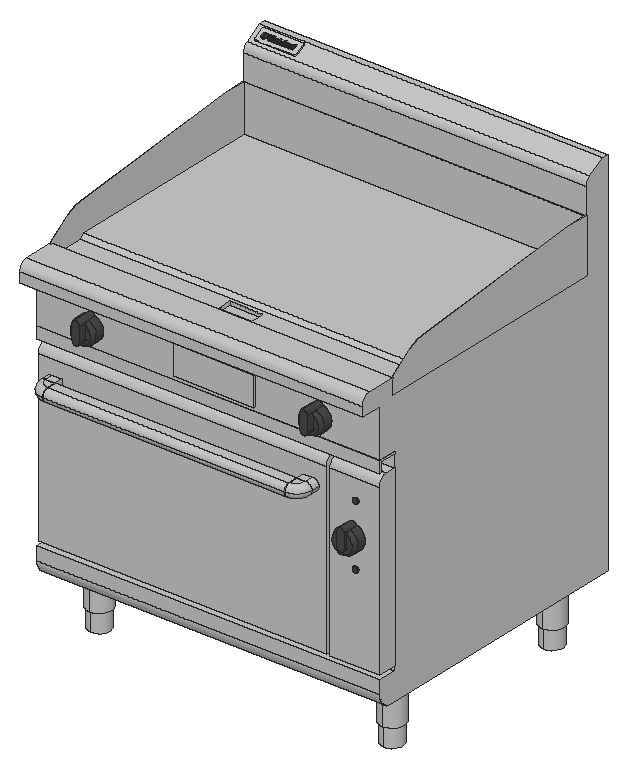
Revit family "QF_MOFFAT WALDORF_GP8910EC", category Specialty Equipment, Revit 2012
Parameters
  Weight in Pounds = 337.3069  # constant formula
  Width [instance] = 900.00 mm  # constant formula
  Watts = 18600 W
  Volts = 415 V
  URL Cutsheet = "www.moffat.com"
  URL = "www.moffat.com"
  Type Mark [instance] = ""
  Status [instance] = ""
  Specification by User [instance] = ""
  Specification by Manufacturer = ""
  Show Logo [instance] = yes
  Show Clearance [instance] = yes
  Show Casters [instance] = no
  Serial Number = ""
  Seismic Rating = ""
  SMACNA No = ""
  Revision Code [instance] = ""
  Phase = 3
  Omniclass Number and Title = ""
  Number of Poles = 1
  NAFEM Spec ID Number = ""
  Model = "GP8910EC"
  Min Ckt Ampacity = 0 A
  Max Overcurrent Protection = 0 A
  Masterspec = ""
  Manufacturer = "MOFFAT WALDORF"
  Legs [instance] = not(Show Casters)  # yes
  Item Number [instance] = ""
  Installed By [instance] = ""
  Identify Quantity as Lot [instance] = yes
  Height = 1130.00 mm  # constant formula
  HP = ""
  Furnished By [instance] = ""
  Foodservice Equipment Identifier [instance] = yes
  FL Amps = 26.3 A
  Elec Conn RI Height = 0.00 mm
  Elec Conn Connection Height = 0.00 mm
  Description = "GRIDDLE PLATE RANGE ELECTRIC WITH CONVECTION OVEN"
  Depth [instance] = 805.00 mm  # constant formula
  Cycle = 50 Hz
  Conn Plug = ""
  Conn Conduit = yes
  CSI MasterFormat = ""
  CSI Master Format = ""
  Body Finish [instance] = QF_Finishes_Stainless Steel
  Back Splash [instance] = 215.00 mm  # constant formula
  Apparent Power = if(Phase = 3, Volts * FL Amps * 1.73, Volts * FL Amps)  # 18882.1 VA
Reference planes
  plane 1 "BACK": y = 0
  plane 2: z = 0
  plane 3 "LEFT": x = 0
  plane 4 "RIGHT": x = 900
  plane 5 "FRONT": y = -805
  plane 6 "TOP": z = 1130
  plane 7 "Center Y": x = 450
  plane 8 "Center X": y = -402.5
  plane 9 "Base Height": z = 150
  plane 10: z = 915
  plane 11: x = 65
  plane 12: x = 834
  plane 13: y = -625
  plane 14: x = 770
  plane 15: y = -100
  plane 16: x = 820
  plane 17: y = -467
Forms (mm)
  Extrusion 1, solid, material "QF_Finishes_Stainless Steel" <- "Body Finish"
    sketch origin (0, 0, 0) x (0, 1, 0) y (0, 0, 1)
      loop
        line (-805, 891) -> (-805, 866) -> (-749, 866) -> (-749, 740) -> (-699, 740) -> (-699, 222.5) -> (-749, 222.5) -> (-749, 188)
        arc (-749, 188) -> (-737.87, 161.13) -> (-711, 150) r 38
        line (-711, 150) -> (0, 150) -> (0, 1130) -> (-16.5, 1130) -> (-58, 1106.04)
        arc (-58, 1106.04) -> (-66.785, 1097.255) -> (-70, 1085.255) r 24
        line (-70, 1085.255) -> (-70, 875) -> (-705, 875) -> (-705, 915) -> (-781, 915)
        arc (-781, 915) -> (-797.971, 907.971) -> (-805, 891) r 24
      loop
        line (-749, 739) -> (-749, 709) -> (-744, 709) -> (-744, 734) -> (-700, 734) -> (-700, 739) -> (-749, 739)
    from 0 to 900
  Revolve 2, solid, material "QF_Finishes_Stainless Steel", visible <- "Legs"
    sketch origin (834, -210, 0) x (0, 1, 0) y (0, 0, -1)
      loop
        line (78.25, -150) -> (110, -150) -> (110, 0) -> (82.5, 0) -> (82.5, -50) -> (78.25, -50) -> (78.25, -150)
      axis (110, -150) -> (110, 0)
    angle from 0 to 360
  Revolve 3, solid, material "QF_Finishes_Stainless Steel"
    sketch origin (834, -735, 0) x (0, 1, 0) y (0, 0, -1)
      loop
        line (78.25, -150) -> (110, -150) -> (110, 0) -> (82.5, 0) -> (82.5, -50) -> (78.25, -50) -> (78.25, -150)
      axis (110, -150) -> (110, 0)
    angle from 0 to 360
  Revolve 4, solid, material "QF_Finishes_Stainless Steel", visible <- "Legs"
    sketch origin (65, -210, 0) x (0, 1, 0) y (0, 0, -1)
      loop
        line (78.25, -150) -> (110, -150) -> (110, 0) -> (82.5, 0) -> (82.5, -50) -> (78.25, -50) -> (78.25, -150)
      axis (110, -150) -> (110, 0)
    angle from 0 to 360
  Revolve 5, solid, material "QF_Finishes_Stainless Steel"
    sketch origin (65, -735, 0) x (0, 1, 0) y (0, 0, -1)
      loop
        line (78.25, -150) -> (110, -150) -> (110, 0) -> (82.5, 0) -> (82.5, -50) -> (78.25, -50) -> (78.25, -150)
      axis (110, -150) -> (110, 0)
    angle from 0 to 360
  Revolve 6, solid, material "QF_Finishes_Black"
    sketch origin (149.998, 0, 596.572) x (0, 1, 0) y (0, 0, -1)
      loop
        line (-782, -229.5) -> (-759, -229.5) -> (-759, -202) -> (-749, -202) -> (-749, -197) -> (-793, -197) -> (-793, -223.651) -> (-782, -229.5)
      axis (-793, -197) -> (-749, -197)
    angle from 0 to 360
  Extrusion 7, solid, material "QF_Finishes_Black"
    sketch origin (0, -749, 866) x (0, 0, -1) y (1, 0, 0)
      loop
        arc (84.301, 139.999) -> (94.301, 149.999) -> (84.301, 159.999) r 10
        line (84.301, 159.999) -> (45.301, 159.999)
        arc (45.301, 159.999) -> (35.301, 149.999) -> (45.301, 139.999) r 10
        line (45.301, 139.999) -> (84.301, 139.999)
    from 10 to 59
  Extrusion 8, solid, material "QF_Finishes_Stainless Steel"
    sketch origin (-278.213, -749, 861) x (0, 0, -1) y (1, 0, 0)
      loop
        line (24, 640) -> (111, 640) -> (111, 850) -> (24, 850) -> (24, 640)
    from 0 to 2.5
  Extrusion 9, solid, material "QF_Finishes_Stainless Steel"
    sketch origin (-278.213, -751.5, 861) x (0, 0, -1) y (1, 0, 0)
      loop
        line (31, 850) -> (24, 850) -> (24, 640) -> (31, 640) -> (31, 850)
    from 0 to 5
  Revolve 10, solid, material "QF_Finishes_Black"
    sketch origin (748.75, 0, 596.263) x (0, 1, 0) y (0, 0, 1)
      loop
        line (-782, 229.5) -> (-793, 223.651) -> (-793, 197) -> (-749, 197) -> (-749, 202) -> (-759, 202) -> (-759, 229.5) -> (-782, 229.5)
      axis (-793, 197) -> (-749, 197)
    angle from 0 to 360
  Extrusion 11, solid, material "QF_Finishes_Black"
    sketch origin (0, -749, 866) x (0, 0, -1) y (1, 0, 0)
      loop
        line (84.611, 758.749) -> (45.611, 758.749)
        arc (45.611, 758.749) -> (35.611, 748.749) -> (45.611, 738.749) r 10
        line (45.611, 738.749) -> (84.611, 738.749)
        arc (84.611, 738.749) -> (94.611, 748.749) -> (84.611, 758.749) r 10
    from 10 to 59
  Extrusion 12, solid, material "QF_Finishes_Black"
    sketch origin (16.25, -749, 866) x (0, 0, -1) y (1, 0, 0)
      loop
        circle (404.5, 821.25) r 7.25
      loop
        circle (242.9, 821.25) r 7.25
    from 0 to 2
  Extrusion 13, solid, material "QF_Finishes_Stainless Steel"
    sketch origin (0, 0, 0) x (0, 1, 0) y (0, 0, 1)
      loop
        arc (-725, 700) -> (-741.971, 692.971) -> (-749, 676) r 24
        line (-749, 676) -> (-749, 235) -> (-699, 235) -> (-699, 700) -> (-725, 700)
    from 4 to 761
  Extrusion 14, solid, material "QF_Finishes_Stainless Steel"
    sketch origin (0, -749, 235) x (0, 0, 1) y (-1, 0, 0)
      loop
        line (371.25, -65) -> (403.25, -65) -> (403.25, -41)
        arc (403.25, -41) -> (398.564, -29.686) -> (387.25, -25) r 16
        arc (387.25, -25) -> (375.936, -29.686) -> (371.25, -41) r 16
        line (371.25, -41) -> (371.25, -65)
      loop
        line (371.25, -700) -> (371.25, -724)
        arc (371.25, -724) -> (375.936, -735.314) -> (387.25, -740) r 16
        arc (387.25, -740) -> (398.564, -735.314) -> (403.25, -724) r 16
        line (403.25, -724) -> (403.25, -700) -> (371.25, -700)
    from 0 to 22.806
  Revolve 15, solid, material "QF_Finishes_Stainless Steel"
    sketch origin (0, -771.806, 235) x (0, 0, 1) y (1, 0, 0)
      loop
        line (403.25, 65) -> (371.25, 65) -> (371.25, 41)
        arc (371.25, 41) -> (375.936, 29.686) -> (387.25, 25) r 16
        arc (387.25, 25) -> (398.564, 29.686) -> (403.25, 41) r 16
        line (403.25, 41) -> (403.25, 65)
      axis (403.25, 65.031) -> (371.25, 65.031)
    angle from 90 to 0
  Extrusion 16, solid, material "QF_Finishes_Stainless Steel"
    sketch origin (65.031, -771.806, 638.25) x (0, 0, 1) y (0, -1, 0)
      loop
        arc (0, 24.031) -> (-4.686, 35.345) -> (-16, 40.031) r 16
        arc (-16, 40.031) -> (-27.314, 35.345) -> (-32, 24.031) r 16
        line (-32, 24.031) -> (-32, 0.031) -> (0, 0.031) -> (0, 24.031)
    from 0 to 634.951
  Revolve 17, solid, material "QF_Finishes_Stainless Steel"
    sketch origin (765.013, -771.806, 235) x (0, 0, 1) y (1, 0, 0)
      loop
        line (403.25, -65) -> (403.25, -41)
        arc (403.25, -41) -> (398.564, -29.686) -> (387.25, -25) r 16
        arc (387.25, -25) -> (375.936, -29.686) -> (371.25, -41) r 16
        line (371.25, -41) -> (371.25, -65) -> (403.25, -65)
      axis (403.25, -65.031) -> (371.25, -65.031)
    angle from 90 to 0
  Extrusion 18, solid, material "QF_Finishes_Black"
    sketch origin (900, -749, 345.838) x (0, 0, -1) y (1, 0, 0)
      loop
        line (-188.5, -52.5) -> (-223.5, -52.5)
        arc (-223.5, -52.5) -> (-233.5, -62.5) -> (-223.5, -72.5) r 10
        line (-223.5, -72.5) -> (-188.5, -72.5)
        arc (-188.5, -72.5) -> (-178.5, -62.5) -> (-188.5, -52.5) r 10
    from 9.93 to 49
  Revolve 19, solid, material "QF_Finishes_Black"
    sketch origin (837.432, -1519.726, 545.603) x (0, 0, 1) y (0, -1, 0)
      loop
        line (29.197, -737.726) -> (23.348, -726.726) -> (-3.303, -726.726) -> (-3.303, -770.726) -> (1.697, -770.726) -> (1.697, -760.726) -> (29.197, -760.726) -> (29.197, -737.726)
      axis (-3.303, -726.726) -> (-3.303, -770.726)
    angle from 0 to 360
  Extrusion 20, solid, material "QF_Door-Drawer Clearances", visible <- "Show Clearance", detail levels coarse
    sketch origin (0, -0.028, -0.007) x (0, 1, 0) y (0, 0, 1)
      loop
        line (-749, 235) -> (-749, 697.66)
        arc (-749, 697.66) -> (-1076.15, 562.15) -> (-1211.66, 235) r 462.66
        line (-1211.66, 235) -> (-749, 235)
    from 4 to 761
  Extrusion 21, solid, material "QF_Finishes_Stainless Steel"
    sketch origin (255.887, -887.361, 150) x (1, 0, 0) y (0, -1, 0)
      loop
        circle (564.113, -420.424) r 10
    from 0 to 2
  Extrusion 22, solid, material "QF_Finishes_Stainless Steel"
    sketch origin (900, 0, 0) x (0, -1, 0) y (0, 0, 1)
      loop
        line (725, 700) -> (699, 700) -> (699, 235) -> (749, 235) -> (749, 676)
        arc (749, 676) -> (741.971, 692.971) -> (725, 700) r 24
    from 0 to 130
Cuts and joins
  joined: Extrusion 8, Extrusion 9
Lines and regions (mm)
  Split face 1
    outline origin (12.5, -16.5, 1130) x (0, -0.866025, -0.5) y (1, 0, 0)
      loop
        line (5.391, 151.462) -> (40.361, 151.462) -> (40.361, 169.241) -> (5.391, 169.241) -> (5.391, 151.462)
  Split face 2
    outline origin (66.25, -16.5, 1130) x (0, -0.866025, -0.5) y (1, 0, 0)
      loop
        line (5.391, 151.462) -> (40.361, 151.462) -> (40.361, 169.241) -> (5.391, 169.241) -> (5.391, 151.462)
  Split face 3
    outline origin (120, -16.5, 1130) x (0, -0.866025, -0.5) y (1, 0, 0)
      loop
        line (5.391, 151.462) -> (40.361, 151.462) -> (40.361, 169.241) -> (5.391, 169.241) -> (5.391, 151.462)
  Split face 4
    outline origin (-121.25, -16.5, 1130) x (0, -0.866025, -0.5) y (1, 0, 0)
      loop
        line (5.391, 451.462) -> (40.361, 451.462) -> (40.361, 469.241) -> (5.391, 469.241) -> (5.391, 451.462)
  Split face 5
    outline origin (-67.5, -16.5, 1130) x (0, -0.866025, -0.5) y (1, 0, 0)
      loop
        line (5.391, 451.462) -> (40.361, 451.462) -> (40.361, 469.241) -> (5.391, 469.241) -> (5.391, 451.462)
  Split face 6
    outline origin (-13.75, -16.5, 1130) x (0, -0.866025, -0.5) y (1, 0, 0)
      loop
        line (5.391, 451.462) -> (40.361, 451.462) -> (40.361, 469.241) -> (5.391, 469.241) -> (5.391, 451.462)
  Split face 7
    outline origin (40, -16.5, 1130) x (0, -0.866025, -0.5) y (1, 0, 0)
      loop
        line (5.391, 451.462) -> (40.361, 451.462) -> (40.361, 469.241) -> (5.391, 469.241) -> (5.391, 451.462)
  Split face 8
    outline origin (95, -16.5, 1130) x (0, -0.866025, -0.5) y (1, 0, 0)
      loop
        line (5.391, 451.462) -> (40.361, 451.462) -> (40.361, 469.241) -> (5.391, 469.241) -> (5.391, 451.462)
  Split face 9
    outline origin (150, -16.5, 1130) x (0, -0.866025, -0.5) y (1, 0, 0)
      loop
        line (5.391, 451.462) -> (40.361, 451.462) -> (40.361, 469.241) -> (5.391, 469.241) -> (5.391, 451.462)
  Split face 10
    outline origin (205, -16.5, 1130) x (0, -0.866025, -0.5) y (1, 0, 0)
      loop
        line (5.391, 451.462) -> (40.361, 451.462) -> (40.361, 469.241) -> (5.391, 469.241) -> (5.391, 451.462)
  symbolic lines
    curve 1: line (0, 0, 0) -> (0, -805, 0)
    curve 2: line (900, 0, 0) -> (0, 0, 0)
    curve 3: line (900, -805, 0) -> (900, 0, 0)
    curve 4: line (0, -70, 0) -> (900, -70, 0)
    curve 5: line (0, -805, 0) -> (900, -805, 0)
    curve 6: line (12.5, -20.958, 0) -> (121.5, -20.958, 0)
    curve 7: line (12.5, -51.234, 0) -> (12.5, -20.958, 0)
    curve 8: line (121.5, -20.958, 0) -> (121.5, -51.234, 0)
    curve 9: line (12.5, -51.234, 0) -> (121.5, -51.234, 0)
    curve 10: line (181.741, -21.168, 0) -> (181.741, -51.453, 0)
    curve 11: line (181.741, -51.453, 0) -> (163.962, -51.453, 0)
    curve 12: line (163.962, -51.453, 0) -> (163.962, -21.168, 0)
    curve 13: line (163.962, -21.168, 0) -> (181.741, -21.168, 0)
    curve 14: line (217.712, -51.453, 0) -> (217.712, -21.168, 0)
    curve 15: line (217.712, -21.168, 0) -> (235.491, -21.168, 0)
    curve 16: line (235.491, -21.168, 0) -> (235.491, -51.453, 0)
    curve 17: line (235.491, -51.453, 0) -> (217.712, -51.453, 0)
    curve 18: line (271.462, -51.453, 0) -> (271.462, -21.168, 0)
    curve 19: line (271.462, -21.168, 0) -> (289.241, -21.168, 0)
    curve 20: line (289.241, -21.168, 0) -> (289.241, -51.453, 0)
    curve 21: line (289.241, -51.453, 0) -> (271.462, -51.453, 0)
    curve 22: line (330.212, -51.453, 0) -> (330.212, -21.168, 0)
    curve 23: line (330.212, -21.168, 0) -> (347.991, -21.168, 0)
    curve 24: line (347.991, -21.168, 0) -> (347.991, -51.453, 0)
    curve 25: line (347.991, -51.453, 0) -> (330.212, -51.453, 0)
    curve 26: line (383.962, -51.453, 0) -> (401.741, -51.453, 0)
    curve 27: line (401.741, -51.453, 0) -> (401.741, -21.168, 0)
    curve 28: line (401.741, -21.168, 0) -> (383.962, -21.168, 0)
    curve 29: line (383.962, -21.168, 0) -> (383.962, -51.453, 0)
    curve 30: line (437.712, -51.453, 0) -> (455.491, -51.453, 0)
    curve 31: line (455.491, -51.453, 0) -> (455.491, -21.168, 0)
    curve 32: line (455.491, -21.168, 0) -> (437.712, -21.168, 0)
    curve 33: line (437.712, -21.168, 0) -> (437.712, -51.453, 0)
    curve 34: line (491.462, -51.453, 0) -> (509.241, -51.453, 0)
    curve 35: line (509.241, -51.453, 0) -> (509.241, -21.168, 0)
    curve 36: line (509.241, -21.168, 0) -> (491.462, -21.168, 0)
    curve 37: line (491.462, -21.168, 0) -> (491.462, -51.453, 0)
    curve 38: line (546.462, -51.453, 0) -> (564.241, -51.453, 0)
    curve 39: line (564.241, -51.453, 0) -> (564.241, -21.168, 0)
    curve 40: line (564.241, -21.168, 0) -> (546.462, -21.168, 0)
    curve 41: line (546.462, -21.168, 0) -> (546.462, -51.453, 0)
    curve 42: line (601.462, -51.453, 0) -> (619.241, -51.453, 0)
    curve 43: line (619.241, -51.453, 0) -> (619.241, -21.168, 0)
    curve 44: line (619.241, -21.168, 0) -> (601.462, -21.168, 0)
    curve 45: line (601.462, -21.168, 0) -> (601.462, -51.453, 0)
    curve 46: line (656.462, -51.453, 0) -> (674.241, -51.453, 0)
    curve 47: line (674.241, -51.453, 0) -> (674.241, -21.168, 0)
    curve 48: line (674.241, -21.168, 0) -> (656.462, -21.168, 0)
    curve 49: line (656.462, -21.168, 0) -> (656.462, -51.453, 0)
  symbolic lines, style "QF_Door-Drawer Clearances", visible <- "Show Clearance"
    curve 50: line (4, -805, 150) -> (4, -1211.66, 150)
    curve 51: line (4, -1211.66, 150) -> (761, -1211.66, 150)
    curve 52: line (761, -1211.66, 150) -> (761, -805, 150)
Dimensions and locks
  equal spacing: plane 3 "LEFT", plane 7 "Center Y", plane 4 "RIGHT"
  "Width": plane 3 "LEFT" to plane 4 "RIGHT"
  equal spacing: plane 5 "FRONT", plane 8 "Center X", plane 1 "BACK"
  "Depth": plane 5 "FRONT" to plane 1 "BACK"
  locked: plane 10 to level at 915
  locked: plane 9 "Base Height" to level at 150
  "Height": plane 6 "TOP" to level
  plane 14 to plane 4 "RIGHT" = 130.00 mm
  plane 13 to plane 15 = 525.00 mm
  plane 16 to plane 4 "RIGHT" = 80.00 mm
  plane 17 to plane 1 "BACK" = 467.00 mm
  aligned and locked: level to plane 2
Automatic sketch dimensions
  plane 1 "BACK" to curve 1 = 0.00 mm
  curve 1 to plane 3 "LEFT" = 0.00 mm
  curve 2 to plane 4 "RIGHT" = 0.00 mm
  plane 5 "FRONT" to curve 5 = 0.00 mm
  plane 3 "LEFT" to curve 6 = 12.50 mm
  plane 11 to curve 9 = 56.50 mm
  curve 6 to curve 12 = 42.462 mm
  curve 12 to curve 13 = 17.779 mm
  curve 10 to curve 14 = 35.971 mm
  curve 14 to curve 15 = 17.779 mm
  curve 15 to curve 19 = 35.971 mm
  curve 18 to curve 20 = 17.779 mm
  curve 20 to curve 22 = 40.971 mm
  curve 22 to curve 24 = 17.779 mm
  curve 23 to curve 29 = 35.971 mm
  curve 28 to curve 27 = 17.779 mm
  curve 33 to plane 7 "Center Y" = 12.288 mm
  plane 7 "Center Y" to curve 31 = 5.491 mm
  curve 31 to curve 36 = 35.971 mm
  curve 36 to curve 36 = 17.779 mm
  curve 35 to curve 40 = 37.221 mm
  curve 40 to curve 40 = 17.779 mm
  curve 38 to curve 45 = 37.221 mm
  curve 44 to curve 43 = 17.779 mm
  curve 43 to curve 48 = 37.221 mm
  curve 48 to curve 48 = 17.779 mm
  curve 4 to curve 7 = 18.766 mm
  Extrusion 1 sketch curve to plane 5 "FRONT" = 0.00 mm
  Extrusion 1 sketch curve to plane 10 = 0.00 mm
  Extrusion 1 sketch curve to plane 9 "Base Height" = 0.00 mm
  Extrusion 1 sketch curve to plane 6 "TOP" = 0.00 mm
  Extrusion 1 sketch curve to plane 1 "BACK" = 0.00 mm
  Extrusion 1 sketch curve to plane 5 "FRONT" = 24.00 mm
  Extrusion 1 sketch curve to plane 5 "FRONT" = 56.00 mm  (x2)
  Extrusion 1 sketch curve to Extrusion 1 sketch curve = 0.00 mm
  Extrusion 1 sketch curve to Extrusion 1 sketch curve = 5.00 mm  (x2)
  Extrusion 1 sketch curve to Extrusion 1 sketch curve = 38.00 mm
  Extrusion 1 sketch curve to Extrusion 1 sketch curve = 44.00 mm  (x2)
  Extrusion 1 sketch curve to Extrusion 1 sketch curve = 12.00 mm  (x3)
  plane 15 to Extrusion 1 sketch curve = 30.00 mm
  Extrusion 1 sketch curve to Extrusion 1 sketch curve = 34.50 mm
  Extrusion 1 sketch curve to Extrusion 1 sketch curve = 1.00 mm
  Extrusion 1 sketch curve to Extrusion 1 sketch curve = 25.00 mm  (x2)
  Extrusion 1 sketch curve to plane 10 = 40.00 mm
  Extrusion 1 sketch curve to plane 6 "TOP" = 44.745 mm
  Revolve 2 sketch curve to plane 9 "Base Height" = 0.00 mm
  Revolve 2 sketch curve to level = 0.00 mm
  Revolve 2 sketch curve to plane 15 = 0.00 mm  (x2)
  Revolve 2 sketch curve to plane 15 = 27.50 mm
  Revolve 2 sketch curve to Revolve 2 sketch curve = 31.75 mm
  level to Revolve 2 sketch curve = 50.00 mm
  Revolve 2 sketch curve to Revolve 2 sketch curve = 0.00 mm
  Revolve 2 sketch curve to Revolve 2 sketch curve = 55.00 mm
  Revolve 3 sketch curve to plane 9 "Base Height" = 0.00 mm
  Revolve 3 sketch curve to level = 0.00 mm
  Revolve 3 sketch curve to plane 13 = 0.00 mm  (x2)
  Revolve 3 sketch curve to plane 13 = 27.50 mm
  Revolve 3 sketch curve to plane 13 = 31.75 mm
  level to Revolve 3 sketch curve = 50.00 mm
  Revolve 3 sketch curve to Revolve 3 sketch curve = 0.00 mm
  Revolve 3 sketch curve to Revolve 3 sketch curve = 55.00 mm
  Revolve 4 sketch curve to plane 9 "Base Height" = 0.00 mm
  Revolve 4 sketch curve to level = 0.00 mm
  Revolve 4 sketch curve to plane 15 = 0.00 mm  (x2)
  Revolve 4 sketch curve to plane 15 = 27.50 mm
  Revolve 4 sketch curve to Revolve 4 sketch curve = 31.75 mm
  level to Revolve 4 sketch curve = 50.00 mm
  Revolve 4 sketch curve to Revolve 4 sketch curve = 0.00 mm
  Revolve 4 sketch curve to Revolve 4 sketch curve = 55.00 mm
  Revolve 5 sketch curve to plane 9 "Base Height" = 0.00 mm
  Revolve 5 sketch curve to level = 0.00 mm
  Revolve 5 sketch curve to plane 13 = 0.00 mm  (x2)
  Revolve 5 sketch curve to plane 13 = 27.50 mm
  Revolve 5 sketch curve to plane 13 = 31.75 mm
  level to Revolve 5 sketch curve = 50.00 mm
  Revolve 5 sketch curve to Revolve 5 sketch curve = 0.00 mm
  Revolve 5 sketch curve to Revolve 5 sketch curve = 55.00 mm
  Extrusion 1 to Split face 1 sketch curve = 5.391 mm
  Split face 1 sketch curve to Extrusion 1 = 7.559 mm
  Split face 1 sketch curve to Extrusion 1 = 163.962 mm
  Split face 1 sketch curve to Split face 1 sketch curve = 17.779 mm
  Extrusion 1 to Split face 2 sketch curve = 5.391 mm
  Split face 2 sketch curve to Extrusion 1 = 7.559 mm
  Split face 2 sketch curve to Extrusion 1 = 217.712 mm
  Split face 2 sketch curve to Split face 2 sketch curve = 17.779 mm
  Extrusion 1 to Split face 3 sketch curve = 5.391 mm
  Split face 3 sketch curve to Extrusion 1 = 7.559 mm
  Split face 3 sketch curve to Extrusion 1 = 271.462 mm
  Split face 3 sketch curve to Split face 3 sketch curve = 17.779 mm
  Extrusion 1 to Split face 4 sketch curve = 5.391 mm
  Split face 4 sketch curve to Extrusion 1 = 7.559 mm
  Split face 4 sketch curve to Extrusion 1 = 330.212 mm
  Split face 4 sketch curve to Split face 4 sketch curve = 17.779 mm
  Extrusion 1 to Split face 5 sketch curve = 5.391 mm
  Split face 5 sketch curve to Extrusion 1 = 7.559 mm
  Split face 5 sketch curve to Extrusion 1 = 383.962 mm
  Split face 5 sketch curve to Split face 5 sketch curve = 17.779 mm
  Extrusion 1 to Split face 6 sketch curve = 5.391 mm
  Split face 6 sketch curve to Extrusion 1 = 7.559 mm
  Split face 6 sketch curve to Extrusion 1 = 437.712 mm
  Split face 6 sketch curve to Split face 6 sketch curve = 17.779 mm
  Extrusion 1 to Split face 7 sketch curve = 5.391 mm
  Split face 7 sketch curve to Extrusion 1 = 7.559 mm
  Split face 7 sketch curve to Extrusion 1 = 408.538 mm
  Split face 7 sketch curve to Split face 7 sketch curve = 17.779 mm
  Revolve 6 sketch curve to plane 5 "FRONT" = 12.00 mm
  Revolve 6 sketch curve to Revolve 6 sketch curve = 0.00 mm  (x2)
  Revolve 6 sketch curve to Revolve 6 sketch curve = 11.00 mm
  Revolve 6 sketch curve to Revolve 6 sketch curve = 12.70 mm
  Revolve 6 sketch curve to Revolve 6 sketch curve = 23.00 mm
  Revolve 6 sketch curve to Revolve 6 sketch curve = 10.00 mm
  Revolve 6 sketch curve to plane 10 = 88.928 mm
  Revolve 6 sketch curve to Revolve 6 sketch curve = 5.849 mm
  Revolve 6 sketch curve to Revolve 6 sketch curve = 27.50 mm
  Revolve 6 sketch curve to Revolve 6 sketch curve = 5.00 mm
  Extrusion 1 to Extrusion 8 sketch curve = 29.00 mm
  Extrusion 8 sketch curve to Extrusion 1 = 10.00 mm
  Extrusion 1 to Extrusion 8 sketch curve = 361.787 mm
  Extrusion 8 sketch curve to Extrusion 8 sketch curve = 210.00 mm
  Extrusion 9 sketch curve to Extrusion 8 = 0.00 mm  (x2)
  Extrusion 8 to Extrusion 9 sketch curve = 0.00 mm
  Extrusion 9 sketch curve to Extrusion 8 = 7.00 mm
  Revolve 10 sketch curve to plane 5 "FRONT" = 12.00 mm
  Revolve 10 sketch curve to Revolve 10 sketch curve = 0.00 mm  (x2)
  Revolve 10 sketch curve to Revolve 10 sketch curve = 11.00 mm
  Revolve 10 sketch curve to Revolve 10 sketch curve = 12.70 mm
  Revolve 10 sketch curve to Revolve 10 sketch curve = 23.00 mm
  Revolve 10 sketch curve to Revolve 10 sketch curve = 10.00 mm
  Revolve 10 sketch curve to Revolve 10 sketch curve = 5.00 mm
  Revolve 10 sketch curve to Revolve 10 sketch curve = 26.651 mm
  Revolve 10 sketch curve to Revolve 10 sketch curve = 5.849 mm
  Extrusion 1 to Split face 8 sketch curve = 5.391 mm
  Split face 8 sketch curve to Extrusion 1 = 7.559 mm
  Split face 8 sketch curve to Extrusion 1 = 353.538 mm
  Split face 8 sketch curve to Split face 8 sketch curve = 17.779 mm
  Extrusion 1 to Split face 9 sketch curve = 5.391 mm
  Split face 9 sketch curve to Extrusion 1 = 7.559 mm
  Split face 9 sketch curve to Extrusion 1 = 298.538 mm
  Split face 9 sketch curve to Split face 9 sketch curve = 17.779 mm
  Extrusion 1 to Split face 10 sketch curve = 5.391 mm
  Split face 10 sketch curve to Extrusion 1 = 7.559 mm
  Split face 10 sketch curve to Extrusion 1 = 243.538 mm
  Split face 10 sketch curve to Split face 10 sketch curve = 17.779 mm
  Extrusion 13 sketch curve to plane 5 "FRONT" = 56.00 mm
  Extrusion 13 sketch curve to Extrusion 13 sketch curve = 24.00 mm
  Extrusion 13 sketch curve to Extrusion 13 sketch curve = 26.00 mm
  plane 9 "Base Height" to Extrusion 13 sketch curve = 85.00 mm
  Extrusion 14 sketch curve to Extrusion 14 sketch curve = 0.00 mm  (x4)
  Extrusion 13 to Extrusion 14 sketch curve = 69.75 mm  (x2)
  Extrusion 14 sketch curve to Extrusion 14 sketch curve = 16.00 mm  (x2)
  Extrusion 13 to Extrusion 14 sketch curve = 21.00 mm
  Extrusion 14 sketch curve to Extrusion 14 sketch curve = 24.00 mm  (x2)
  Extrusion 13 to Extrusion 14 sketch curve = 61.00 mm
  Revolve 15 sketch curve to Revolve 15 sketch curve = 0.00 mm
  Revolve 15 sketch curve to Extrusion 14 = 0.00 mm
  Extrusion 14 to Revolve 15 sketch curve = 0.00 mm
  Revolve 15 sketch curve to Extrusion 14 = 0.031 mm
  Revolve 15 sketch curve to Extrusion 14 = 8.00 mm
  Extrusion 16 sketch curve to Extrusion 16 sketch curve = 0.00 mm
  Extrusion 16 sketch curve to Revolve 15 = 0.00 mm
  Revolve 17 sketch curve to Revolve 17 sketch curve = 0.00 mm  (x2)
  Revolve 17 sketch curve to Extrusion 14 = 0.00 mm  (x3)
  Revolve 17 sketch curve to Extrusion 14 = 0.018 mm
  Revolve 17 sketch curve to Extrusion 14 = 8.00 mm
  Extrusion 14 to Revolve 17 sketch curve = 0.013 mm
  Revolve 17 sketch curve to Revolve 17 sketch curve = 24.00 mm
  Revolve 19 sketch curve to plane 5 "FRONT" = 12.001 mm  (x2)
  Revolve 19 sketch curve to Revolve 19 sketch curve = 0.00 mm
  Revolve 19 sketch curve to Revolve 19 sketch curve = 5.00 mm
  Revolve 19 sketch curve to Revolve 19 sketch curve = 26.651 mm
  Revolve 19 sketch curve to plane 5 "FRONT" = 23.001 mm
  Revolve 19 sketch curve to Revolve 19 sketch curve = 5.849 mm
  Revolve 19 sketch curve to Revolve 19 sketch curve = 12.70 mm
  Revolve 19 sketch curve to Revolve 19 sketch curve = 21.30 mm
  Revolve 19 sketch curve to Revolve 19 sketch curve = 10.00 mm
  plane 9 "Base Height" to Extrusion 20 sketch curve = 84.993 mm
  plane 5 "FRONT" to Extrusion 20 sketch curve = 406.687 mm
  plane 5 "FRONT" to curve 52 = 0.00 mm
  plane 5 "FRONT" to curve 50 = 0.00 mm
  curve 52 to plane 14 = 9.00 mm
  plane 3 "LEFT" to curve 51 = 4.00 mm
  plane 5 "FRONT" to curve 51 = 406.66 mm
  Extrusion 1 sketch curve to Extrusion 1 sketch curve = 157.00 mm
  Revolve 10 sketch curve to plane 10 = 121.737 mm
  Extrusion 13 sketch curve to plane 10 = 239.00 mm
  plane 9 "Base Height" to Revolve 19 sketch curve = 392.30 mm
  Extrusion 20 sketch curve to plane 5 "FRONT" = 55.972 mm
  Extrusion 21 sketch curve to Extrusion 1 = 80.00 mm
  Extrusion 21 sketch curve to Extrusion 1 = 466.937 mm
  Extrusion 22 sketch curve to plane 13 = 74.00 mm
  Extrusion 22 sketch curve to Extrusion 22 sketch curve = 26.00 mm
  Extrusion 22 sketch curve to Extrusion 22 sketch curve = 24.00 mm
  plane 9 "Base Height" to Extrusion 22 sketch curve = 85.00 mm
  Extrusion 22 to Extrusion 18 sketch curve = 52.50 mm
  Extrusion 22 to Extrusion 18 sketch curve = 106.662 mm
  Extrusion 18 sketch curve to Extrusion 18 sketch curve = 35.00 mm
  Extrusion 18 sketch curve to Extrusion 18 sketch curve = 10.00 mm
  Extrusion 1 to Extrusion 11 sketch curve = 45.611 mm
  Extrusion 11 sketch curve to Extrusion 11 sketch curve = 39.00 mm
  Extrusion 1 to Extrusion 11 sketch curve = 161.251 mm
  Extrusion 11 sketch curve to Extrusion 11 sketch curve = 10.00 mm
  Extrusion 1 to Extrusion 7 sketch curve = 45.301 mm
  Extrusion 7 sketch curve to Extrusion 7 sketch curve = 39.00 mm
  Extrusion 1 to Extrusion 7 sketch curve = 139.999 mm
  Extrusion 7 sketch curve to Extrusion 7 sketch curve = 10.00 mm
  plane 15 to curve 4 = 30.00 mm
  plane 15 to curve 46 = 48.547 mm
  plane 15 to curve 25 = 48.547 mm
  plane 15 to curve 45 = 48.547 mm
  plane 15 to curve 41 = 48.547 mm
  plane 15 to curve 37 = 48.547 mm
  plane 15 to curve 10 = 48.547 mm
  curve 10 to curve 14 = 0.00 mm
  plane 15 to curve 33 = 48.547 mm
  curve 16 to curve 18 = 0.00 mm
  curve 24 to curve 29 = 0.00 mm
  plane 1 "BACK" to curve 20 = 21.168 mm
  plane 1 "BACK" to curve 27 = 21.168 mm
  plane 1 "BACK" to curve 16 = 21.168 mm
  plane 1 "BACK" to curve 22 = 21.168 mm
  plane 1 "BACK" to curve 32 = 21.168 mm
  plane 1 "BACK" to curve 13 = 21.168 mm
  plane 1 "BACK" to curve 35 = 21.168 mm
  plane 1 "BACK" to curve 39 = 21.168 mm
  plane 1 "BACK" to curve 49 = 21.168 mm
  plane 1 "BACK" to curve 43 = 21.168 mm
  plane 1 "BACK" to curve 7 = 20.958 mm
  Extrusion 1 sketch curve to Extrusion 1 sketch curve = 16.50 mm
  Extrusion 22 sketch curve to plane 10 = 239.00 mm
  Extrusion 1 to Extrusion 12 sketch curve = 116.90 mm
  Extrusion 1 to Extrusion 12 sketch curve = 62.50 mm  (x2)
  Extrusion 12 sketch curve to Extrusion 12 sketch curve = 161.60 mm
  radius of Revolve 15 sketch curve to Extrusion 14 = 0.00 mm
  radius of Extrusion 16 sketch curve to Revolve 15 = 0.00 mm
  radius of Extrusion 21 sketch curve = 10.00 mm
  radius of Extrusion 12 sketch curve = 7.25 mm  (x2)
Nested families
  nested 1: "GP8910GE-CASTERS" at (65, -100, 0), Show Casters <- "Show Casters", visible <- "Show Casters", type "GP8910GE-CASTERS"
    with Type Mark "", Status "", Specification by User "", Show Casters no, Revision Code "", Item Number "", Installed By "", Identify Quantity as Lot yes, Furnished By "", Foodservice Equipment Identifier yes
  nested 2: "GP8910GE-CASTERS" at (835, -100, 0), Show Casters <- "Show Casters", visible <- "Show Casters", type "GP8910GE-CASTERS"
    with Type Mark "", Status "", Specification by User "", Show Casters no, Revision Code "", Item Number "", Installed By "", Identify Quantity as Lot yes, Furnished By "", Foodservice Equipment Identifier yes
  nested 3: "GAS GRIDDLE PLATE" at (0, -70, 875), type "GAS GRIDDLE PLATE"
    with Type Mark "", Status "", Specification by User "", Show Clearance yes, Revision Code "", Number of Poles 1, Mechanical Remarks "", Mechanical Connection Type "", Item Number "", Installed By "", Identify Quantity as Lot yes, Gas RI Height 0.00 mm, Gas KW 0, Gas Input 0.0 Btu/h, Furnished By "", Foodservice Equipment Identifier yes, Electrical Remarks "", Electric Connection Type "", Elec Conn RI Height 0.00 mm, Elec Conn Connection Height 0.00 mm
  nested 4: "WALDORF LOGO_FACE BASE" at (12.5, -21.903, 1126.881) x (1, 0, 0) z (0, -0.5, 0.866), visible <- "Show Logo", type "WALDORF LOGO_FACE BASE", detail levels medium+fine
    with Show Logo yes
Connectors
  electrical at (820, -466.937, 148), driven by "Volts", driven by "Watts"
    settings: on Extrusion 21, index 1, voltage 415 V, apparent load 18600 VA, apparent load phase1 0 VA, apparent load phase2 0 VA, apparent load phase3 0 VA, power factor 1, load classification "Other", number of poles 1, system type 30, power factor state 1, is connector primary yes, connector utility no, sub classification motor no, connector description "ELECTRICAL SUPPLY"
Definition of nested family "GAS GRIDDLE PLATE"
  Parameters (values of type "GAS GRIDDLE PLATE")
    Weight in Pounds = 0
    Watts = 0 W
    Volts = 0 V
    URL Cutsheet = ""
    Type Mark [instance] = ""
    Status [instance] = ""
    Specification by User [instance] = ""
    Specification by Manufacturer = ""
    Show Clearance [instance] = yes
    Serial Number = ""
    Seismic Rating = ""
    SMACNA No = ""
    Revision Code [instance] = ""
    Phase = 1
    Omniclass Number and Title = ""
    Number of Poles [instance] = 1
    NAFEM Spec ID Number = ""
    Min Ckt Ampacity = 0 A
    Mechanical Remarks [instance] = ""
    Mechanical Connection Type [instance] = ""
    Max Overcurrent Protection = 0 A
    Masterspec = ""
    Item Number [instance] = ""
    Installed By [instance] = ""
    Identify Quantity as Lot [instance] = yes
    HP = ""
    Gas Size = 0"
    Gas RI Height [instance] = 0.00 mm
    Gas KW [instance] = 0
    Gas Input [instance] = 0.0 Btu/h
    Gas Connection Height = 0.00 mm
    Furnished By [instance] = ""
    Foodservice Equipment Identifier [instance] = yes
    FL Amps = 0 A
    Electrical Remarks [instance] = ""
    Electric Connection Type [instance] = ""
    Elec Conn RI Height [instance] = 0.00 mm
    Elec Conn Connection Height [instance] = 0.00 mm
    Cycle = 0 Hz
    Conn Plug = ""
    Conn Conduit = yes
    CSI MasterFormat = ""
    CSI Master Format = ""
    Apparent Power = if(Phase = 3, Volts * FL Amps * 1.73, Volts * FL Amps)  # 0 VA
  Reference planes
    plane 1 "BACK": y = 0
    plane 2: z = 0
    plane 3 "LEFT": x = 0
    plane 4 "RIGHT": x = 900
    plane 5 "FRONT": y = -634.4
    plane 6 "TOP": z = 142.5
    plane 7 "Center Y": x = 450
    plane 8 "Center X": y = -317.2
  Forms (mm)
    Extrusion 1, solid, material "QF_Finishes_Stainless Steel"
      sketch origin (0, 70.003, -875) x (0, 1, 0) y (0, 0, 1)
        loop
          line (-70, 875) -> (-70, 1017.5) -> (-126.948, 1017.5) -> (-604.433, 971.523)
          arc (-604.433, 971.523) -> (-629.46, 965.803) -> (-652.206, 953.899) r 100
          line (-652.206, 953.899) -> (-704.403, 917.35) -> (-704.403, 875) -> (-70, 875)
      from 0 to 1.8
    Extrusion 2, solid, material "QF_Finishes_Stainless Steel"
      sketch origin (150, 70.003, -875) x (0, 1, 0) y (0, 0, 1)
        loop
          line (-70, 895) -> (-601, 895) -> (-611.5, 884.5) -> (-704.403, 884.5) -> (-704.403, 875) -> (-70, 875) -> (-70, 895)
      from -148.2 to 748.2
    Extrusion 3, void
      sketch origin (150, -541.497, 9.5) x (0, -1, 0) y (1, 0, 0)
        loop
          line (10, 344.25) -> (10, 255.75) -> (48.5, 255.75) -> (48.5, 344.25) -> (10, 344.25)
      from -41.4 to 40.142
    Extrusion 4, solid, material "QF_Finishes_Stainless Steel"
      sketch origin (150, 0.003, 211.074) x (0, 0, -1) y (1, 0, 0)
        loop
          line (68.574, -148.2) -> (191.074, -148.2) -> (191.074, 748.2) -> (68.574, 748.2) -> (68.574, -148.2)
      from 0 to 1.683
    Extrusion 5, solid, material "QF_Finishes_Stainless Steel"
      sketch origin (900, 70.003, -875) x (0, 1, 0) y (0, 0, -1)
        loop
          line (-70, -875) -> (-704.403, -875) -> (-704.403, -917.35) -> (-652.206, -953.899)
          arc (-652.206, -953.899) -> (-629.46, -965.803) -> (-604.433, -971.523) r 100
          line (-604.433, -971.523) -> (-126.948, -1017.5) -> (-70, -1017.5) -> (-70, -875)
      from 0 to 1.8
  Cuts and joins
    Extrusion 3 cuts Extrusion 2
  Lines and regions (mm)
    symbolic lines
      curve 1: line (898.8, -530.997, 0) -> (1.8, -530.997, 0)
      curve 2: line (1.8, -541.497, 0) -> (898.8, -541.497, 0)
      curve 3: line (405.75, -551.497, 0) -> (405.75, -589.997, 0)
      curve 4: line (405.75, -589.997, 0) -> (494.25, -589.997, 0)
      curve 5: line (494.25, -589.997, 0) -> (494.25, -551.497, 0)
      curve 6: line (494.25, -551.497, 0) -> (405.75, -551.497, 0)
      curve 7: line (1.8, -1.68, 0) -> (898.8, -1.68, 0)
      curve 8: line (898.8, -1.68, 0) -> (898.8, -634.4, 0)
      curve 9: line (1.8, -634.4, 0) -> (1.8, -1.68, 0)
      curve 10: line (1.8, -634.4, 0) -> (898.8, -634.4, 0)
  Dimensions and locks
    equal spacing: plane 3 "LEFT", plane 7 "Center Y", plane 4 "RIGHT"
    plane 3 "LEFT" to plane 4 "RIGHT" = 900.00 mm
    equal spacing: plane 5 "FRONT", plane 8 "Center X", plane 1 "BACK"
    plane 5 "FRONT" to plane 1 "BACK" = 634.40 mm
    aligned and locked: level to plane 2
  Automatic sketch dimensions
    plane 5 "FRONT" to curve 10 = 0.00 mm
    plane 3 "LEFT" to curve 10 = 1.80 mm
    curve 4 to plane 5 "FRONT" = 44.403 mm
    plane 4 "RIGHT" to curve 4 = 494.25 mm
    plane 4 "RIGHT" to curve 5 = 405.75 mm
    plane 4 "RIGHT" to curve 8 = 1.20 mm
    curve 3 to curve 3 = 38.50 mm
    curve 2 to plane 5 "FRONT" = 92.903 mm
    curve 2 to curve 1 = 10.50 mm
    plane 1 "BACK" to curve 9 = 1.68 mm
    Extrusion 1 sketch curve to level = 0.00 mm
    Extrusion 1 sketch curve to plane 5 "FRONT" = 0.00 mm
    Extrusion 1 sketch curve to plane 6 "TOP" = 0.00 mm
    Extrusion 1 sketch curve to plane 5 "FRONT" = 52.197 mm
    Extrusion 1 sketch curve to Extrusion 1 sketch curve = 47.773 mm
    Extrusion 1 sketch curve to level = 3.016 mm
    Extrusion 1 sketch curve to Extrusion 1 sketch curve = 9.585 mm
    plane 1 "BACK" to Extrusion 1 sketch curve = 56.945 mm
    Extrusion 1 sketch curve to plane 1 "BACK" = 0.003 mm
    level to Extrusion 1 sketch curve = 42.35 mm
    Extrusion 1 sketch curve to plane 6 "TOP" = 63.601 mm
    Extrusion 2 sketch curve to level = 0.00 mm
    Extrusion 2 sketch curve to plane 5 "FRONT" = 0.00 mm
    level to Extrusion 2 sketch curve = 9.50 mm
    Extrusion 2 sketch curve to Extrusion 2 sketch curve = 92.903 mm
    Extrusion 2 sketch curve to Extrusion 2 sketch curve = 10.50 mm  (x2)
    Extrusion 2 sketch curve to plane 1 "BACK" = 0.003 mm
    Extrusion 2 to Extrusion 3 sketch curve = 10.00 mm
    Extrusion 3 sketch curve to Extrusion 3 sketch curve = 38.50 mm
    Extrusion 2 to Extrusion 3 sketch curve = 492.45 mm
    Extrusion 2 to Extrusion 3 sketch curve = 403.95 mm
    Extrusion 4 sketch curve to plane 6 "TOP" = 0.00 mm
    level to Extrusion 4 sketch curve = 20.00 mm
    plane 3 "LEFT" to Extrusion 4 sketch curve = 1.80 mm
    plane 7 "Center Y" to Extrusion 4 sketch curve = 448.20 mm
    Extrusion 5 sketch curve to level = 0.00 mm
    Extrusion 5 sketch curve to plane 5 "FRONT" = 0.00 mm
    Extrusion 5 sketch curve to plane 6 "TOP" = 0.00 mm
    Extrusion 5 sketch curve to plane 5 "FRONT" = 52.197 mm
    Extrusion 5 sketch curve to Extrusion 5 sketch curve = 47.773 mm
    Extrusion 5 sketch curve to level = 3.016 mm
    Extrusion 5 sketch curve to Extrusion 5 sketch curve = 57.358 mm
    plane 1 "BACK" to Extrusion 5 sketch curve = 56.945 mm
    Extrusion 5 sketch curve to plane 1 "BACK" = 0.003 mm
    Extrusion 5 sketch curve to plane 6 "TOP" = 45.977 mm
    level to Extrusion 5 sketch curve = 42.35 mm
Definition of nested family "WALDORF LOGO_FACE BASE"
  Parameters (values of type "WALDORF LOGO_FACE BASE")
    Show Logo [instance] = yes
    Default Elevation = 1219.20 mm
  Reference planes
    plane 1 "Center (Front/Back)": y = 0
    plane 2: z = 0
    plane 3 "Center (Left/Right)": x = 0
  Forms (mm)
    Extrusion 1, solid
      sketch origin (0, 0, 0) x (1, 0, 0) y (0, 1, 0)
        loop
          line (-1219.2, 1219.2) -> (-1219.2, -1219.2) -> (1219.2, -1219.2) -> (1219.2, 1219.2) -> (-1219.2, 1219.2)
      from 0 to -304.8
    Extrusion 2, solid, material "QF_Finishes_Stainless Steel", visible <- "Show Logo"
      sketch origin (0, -33.217, 0) x (1, 0, 0) y (0, 1, 0)
        loop
          arc (5, 34.14) -> (1.464, 32.676) -> (0, 29.14) r 5
          line (0, 29.14) -> (0, 5)
          arc (0, 5) -> (1.464, 1.464) -> (5, 0) r 5
          line (5, 0) -> (104, 0)
          arc (104, 0) -> (107.536, 1.464) -> (109, 5) r 5
          line (109, 5) -> (109, 29.14)
          arc (109, 29.14) -> (107.536, 32.676) -> (104, 34.14) r 5
          line (104, 34.14) -> (5, 34.14)
      from 0 to 1.588
    Extrusion 3, solid, material "QF_Finishes_Black", visible <- "Show Logo"
      sketch origin (0, -33.217, 1.588) x (1, 0, 0) y (0, 1, 0)
        loop
          line (24.772, 23.214) -> (27.992, 10.301) -> (31.551, 10.301) -> (33.443, 17.364) -> (35.205, 10.301) -> (39.332, 10.301) -> (42.077, 23.214) -> (38.352, 23.214) -> (36.676, 15.33) -> (35, 23.214) -> (31.752, 23.214) -> (30.076, 15.33) -> (28.4, 23.214) -> (24.772, 23.214)
        loop
          line (42.272, 17.055) -> (45.703, 17.055)
          spline (45.703, 17.055) -> (45.741, 17.285) -> (45.852, 17.499) -> (46.028, 17.682) -> (46.258, 17.823) -> (46.526, 17.912) -> (46.813, 17.942) -> (47.1, 17.912) -> (47.368, 17.823) -> (47.597, 17.682) -> (47.774, 17.499) -> (47.884, 17.285) -> (47.922, 17.055)
          line (47.922, 17.055) -> (47.922, 16.222)
          arc (47.922, 16.222) -> (45.742, 16.014) -> (43.665, 15.317) r 9.604
          arc (43.665, 15.317) -> (41.924, 12.809) -> (43.665, 10.301) r 2.677
          arc (43.665, 10.301) -> (45.527, 10.353) -> (47.332, 10.816) r 8.365
          line (47.332, 10.816) -> (48.092, 11.105) -> (48.092, 10.301) -> (51.817, 10.301) -> (51.817, 17.055)
          spline (51.817, 17.055) -> (51.654, 17.821) -> (51.178, 18.535) -> (50.419, 19.148) -> (49.431, 19.619) -> (48.28, 19.914) -> (47.044, 20.015) -> (45.809, 19.914) -> (44.658, 19.619) -> (43.67, 19.148) -> (42.911, 18.535) -> (42.434, 17.821) -> (42.272, 17.055)
        loop
          line (53.151, 23.214) -> (53.151, 10.301) -> (57.37, 10.301) -> (57.37, 23.214) -> (53.151, 23.214)
        loop
          line (64.874, 23.214) -> (64.874, 18.857)
          arc (64.874, 18.857) -> (58.083, 15.11) -> (64.874, 11.363) r 4.429
          line (64.874, 11.363) -> (64.874, 10.301) -> (68.378, 10.301) -> (68.378, 23.214) -> (64.874, 23.214)
        loop
          arc (64.874, 16.083) -> (61.41, 14.987) -> (64.874, 13.891) r 1.905
          line (64.874, 13.891) -> (64.874, 16.083)
        loop
          circle (74.623, 15.223) r 5
        loop
          spline (74.623, 17.856) -> (74.355, 17.766) -> (74.105, 17.503) -> (73.891, 17.084) -> (73.726, 16.539) -> (73.623, 15.904) -> (73.588, 15.223) -> (73.623, 14.541) -> (73.726, 13.906) -> (73.891, 13.361) -> (74.105, 12.942) -> (74.355, 12.679) -> (74.623, 12.59)
          spline (74.623, 12.59) -> (74.891, 12.679) -> (75.141, 12.942) -> (75.355, 13.361) -> (75.52, 13.906) -> (75.623, 14.541) -> (75.659, 15.223) -> (75.623, 15.904) -> (75.52, 16.539) -> (75.355, 17.084) -> (75.141, 17.503) -> (74.891, 17.766) -> (74.623, 17.856)
        loop
          line (81.255, 19.813) -> (81.255, 10.301) -> (84.834, 10.301) -> (84.834, 14.176)
          arc (84.834, 14.176) -> (85.854, 16.093) -> (88.013, 16.32) r 2.313
          line (88.013, 16.32) -> (88.013, 19.813) -> (87.161, 19.813)
          arc (87.161, 19.813) -> (85.526, 19.266) -> (84.549, 17.844) r 2.717
          line (84.549, 17.844) -> (84.549, 19.813) -> (81.255, 19.813)
        loop
          line (90.249, 19.813) -> (88.91, 19.813) -> (88.91, 17.614) -> (90.249, 17.614) -> (90.249, 10.301) -> (93.998, 10.301) -> (93.998, 17.614) -> (95.418, 17.614) -> (95.418, 19.813) -> (93.998, 19.813)
          arc (93.998, 19.813) -> (94.414, 20.817) -> (95.418, 21.233) r 1.42
          line (95.418, 21.233) -> (95.418, 23.602) -> (93.317, 23.602)
          arc (93.317, 23.602) -> (91.343, 22.903) -> (90.249, 21.118) r 3.137
          line (90.249, 21.118) -> (90.249, 19.813)
        loop
          arc (15.241, 23.571) -> (8.392, 16.525) -> (15.241, 9.479) r 7.049
          line (15.241, 9.479) -> (15.241, 23.571)
        loop
          line (15.641, 23.571) -> (15.641, 9.479)
          arc (15.641, 9.479) -> (22.49, 16.525) -> (15.641, 23.571) r 7.049
        loop
          arc (47.922, 14.711) -> (46.266, 13.749) -> (47.922, 12.787) r 1.107
          line (47.922, 12.787) -> (47.922, 14.711)
      from 0 to 0.2
  Dimensions and locks
    aligned and locked: plane 2 to Extrusion 1
    aligned and locked: level to Extrusion 1
Definition of nested family "GP8910GE-CASTERS"
  Parameters (values of type "BT8600-LS-CASTERS")
    Weight = ""
    URL Manufacturer = ""
    URL Cutsheet = ""
    URL = ""
    Type Mark [instance] = ""
    Status [instance] = ""
    Specification by User [instance] = ""
    Specification by Manufacturer = ""
    Show Casters [instance] = no
    Serial Number = ""
    Seismic Rating = ""
    SMACNA No = ""
    Revision Code [instance] = ""
    Omniclass Number and Title = ""
    NAFEM Spec ID Number = ""
    Model = ""
    MasterSpec. = ""
    Manufacturer = ""
    Item Number [instance] = ""
    Installed By [instance] = ""
    Identify Quantity as Lot [instance] = yes
    Furnished By [instance] = ""
    Foodservice Equipment Identifier [instance] = yes
    Description = ""
    CSI MasterFormat = ""
    CSI Master Format = ""
    Assembly Code = ""
  Reference planes
    plane 1: z = 0
    plane 2 "RIGHT": x = 0
    plane 3 "FRONT": y = 0
    plane 4 "Base Height": z = 150
  Forms (mm)
    Revolve 1, solid, material "QF_Finishes_Stainless Steel", visible <- "Show Casters"
      sketch origin (0, 56.335, 0) x (0, 1, 0) y (0, 0, 1)
        loop
          line (-56.335, 152.4) -> (-56.335, 141.118) -> (-23.798, 141.118) -> (-23.798, 152.4) -> (-56.335, 152.4)
        axis (-56.335, 141.118) -> (-56.335, 152.4)
      angle from 0 to 360
    Extrusion 2, solid, material "QF_Finishes_Stainless Steel", visible <- "Show Casters"
      sketch origin (-46.049, 56.335, 0) x (0, 1, 0) y (0, 0, 1)
        loop
          line (-85.799, 141.118) -> (-85.799, 133.498) -> (-82.136, 133.498)
          arc (-82.136, 133.498) -> (-79.344, 132.328) -> (-77.146, 130.248) r 8.432
          line (-77.146, 130.248) -> (-39.502, 49.52)
          arc (-39.502, 49.52) -> (-13.784, 46.107) -> (-5.673, 70.75) r 20.32
          arc (-5.673, 70.75) -> (-7.065, 73.611) -> (-8.887, 76.22) r 20.32
          arc (-8.887, 76.22) -> (-9.399, 85.377) -> (-6.626, 94.119) r 25.4
          line (-6.626, 94.119) -> (8.003, 121.632)
          arc (8.003, 121.632) -> (-2.347, 126.31) -> (-13.34, 129.167) r 66.802
          line (-13.34, 129.167) -> (-13.765, 133.498) -> (-26.871, 133.498) -> (-26.871, 141.118) -> (-85.799, 141.118)
      from 20.058 to 22.923
    Extrusion 3, solid, material "QF_Finishes_Stainless Steel", visible <- "Show Casters"
      sketch origin (3.326, 56.335, 0) x (0, 1, 0) y (0, 0, 1)
        loop
          line (-85.799, 141.118) -> (-85.799, 133.498) -> (-82.136, 133.498)
          arc (-82.136, 133.498) -> (-79.344, 132.328) -> (-77.146, 130.248) r 8.432
          line (-77.146, 130.248) -> (-39.502, 49.52)
          arc (-39.502, 49.52) -> (-13.784, 46.107) -> (-5.673, 70.75) r 20.32
          arc (-5.673, 70.75) -> (-7.065, 73.611) -> (-8.887, 76.22) r 20.32
          arc (-8.887, 76.22) -> (-9.399, 85.377) -> (-6.626, 94.119) r 25.4
          line (-6.626, 94.119) -> (8.003, 121.632)
          arc (8.003, 121.632) -> (-2.347, 126.31) -> (-13.34, 129.167) r 66.802
          line (-13.34, 129.167) -> (-13.765, 133.498) -> (-26.871, 133.498) -> (-26.871, 141.118) -> (-85.799, 141.118)
      from 20.058 to 22.923
    Extrusion 4, solid, material "QF_Finishes_Stainless Steel", visible <- "Show Casters"
      sketch origin (-49.224, 56.335, 0) x (0, 1, 0) y (0, 0, 1)
        loop
          line (-85.799, 141.118) -> (-85.799, 133.498) -> (-82.136, 133.498) -> (-18.877, 127.964) -> (7.14, 120.01) -> (8.003, 121.632)
          arc (8.003, 121.632) -> (-2.347, 126.31) -> (-13.34, 129.167) r 66.802
          line (-13.34, 129.167) -> (-13.765, 133.498) -> (-26.871, 133.498) -> (-26.871, 141.118) -> (-85.799, 141.118)
      from 26.098 to 72.56
    Revolve 5, solid, material "QF_Finishes_Stainless Steel", visible <- "Show Casters"
      sketch origin (-49.224, 30.821, 0) x (1, 0, 0) y (0, 0, 1)
        loop
          line (14.841, 63.604) -> (83.584, 63.604) -> (83.584, 67.109) -> (82.314, 68.379) -> (80.79, 68.379) -> (80.79, 71.826) -> (68.644, 71.826) -> (68.644, 81.79) -> (65.088, 83.843) -> (61.683, 104.879) -> (65.881, 104.879) -> (65.881, 111.229) -> (65.088, 111.229) -> (65.088, 117.579)
          arc (65.088, 117.579) -> (62.298, 124.314) -> (55.563, 127.104) r 9.525
          line (55.563, 127.104) -> (42.863, 127.104)
          arc (42.863, 127.104) -> (36.127, 124.314) -> (33.338, 117.579) r 9.525
          line (33.338, 117.579) -> (33.338, 111.229) -> (32.544, 111.229) -> (32.544, 104.879) -> (36.742, 104.879) -> (33.352, 83.932) -> (29.782, 81.871) -> (29.782, 71.826) -> (17.635, 71.826) -> (17.635, 68.379) -> (16.111, 68.379) -> (14.841, 67.109) -> (14.841, 63.604)
        axis (14.841, 63.604) -> (83.584, 63.604)
      angle from 0 to 360
  Cuts and joins
    joined: Extrusion 2, Extrusion 3, Extrusion 4
  Lines and regions (mm)
    symbolic lines, style "SpecialityEquipmentHiddenLines", visible <- "Show Casters"
      curve 1: line (18.009, 67.053, 0) -> (45.595, 51.127, 0)
      curve 2: line (-45.491, -42.932, 0) -> (18.009, 67.053, 0)
      curve 3: line (-17.905, -58.859, 0) -> (-45.491, -42.932, 0)
      curve 4: line (45.595, 51.127, 0) -> (-17.905, -58.859, 0)
  Dimensions and locks
    plane 4 "Base Height" to level = 150.00 mm  (x2)
    Revolve 5 sketch curve to Revolve 5 sketch curve = 63.50 mm
    aligned and locked: level to plane 1
